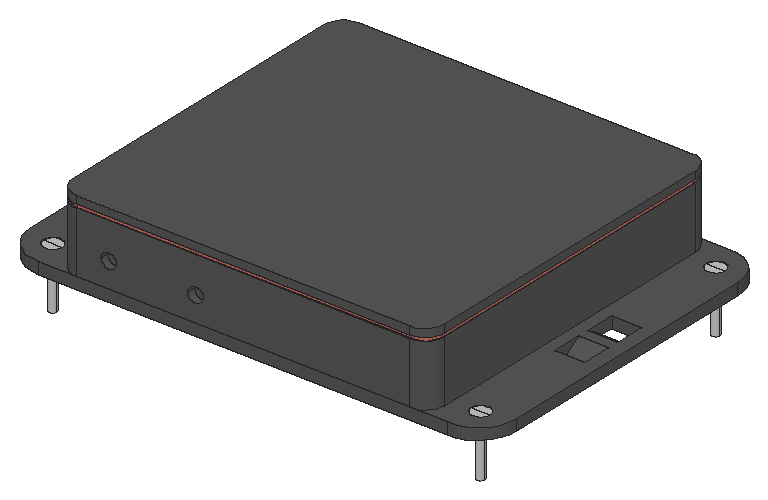
Revit family "Electronics_Impera_Biamp_Connect-X-MP6", category Communication Devices, host Face, Revit 2020
Family settings
  Host = Face
  Maintain Annotation Orientation = No
  Round Connector Dimension = Use Diameter
  Part Type = Normal
  OmniClass Number = 23.85.10.11
  OmniClass Title = Audio Information, Sound Signals
  Cut with Voids When Loaded = No
  Shared = No
  Room Calculation Point = No
Parameters (values of type "Connect-X MP6")
  Zip ties mounting [instance] = not(Flat surface mounting)  # no
  Width = 127.2 mm  # constant formula
  Weight = 0.24 lbf  # constant formula
  Version = 1
  URL = "https://www.biamp.com/"
  Stop Bits = "1, 1.5, 2"  # constant formula
  Sense Low = "< 1 VDC"  # constant formula
  Sense High = "> 4 VDC"  # constant formula
  Product data url = "https://bimobject.com/biamp/product/impera-connect-x-mp6-multiport-extender"
  Product Page URL = "https://www.biamp.com/products/product-families/impera/peripherals#connect-x-mp6"
  Product Documentation Link = "https://downloads.biamp.com/assets/docs/default-source/data-sheets/biamp_data_sheet_impera-connect-x-mp6_jun23.pdf"
  Power = "PoE (IEEE 802.3at Class 1, 4W)"  # constant formula
  Port Speed = "10/100 Mbps"  # constant formula
  Parity = "Even, Odd, None"  # constant formula
  Output Type = "Open drain"  # constant formula
  Number of third-party devices supported = "2"  # constant formula
  Number of Ports = "1 (bidirectional),2 (unidirectional) "  # constant formula
  Model = "Connect-X MP6"  # constant formula
  Max Voltage = "24 VDC"  # constant formula
  Max Current = "0.5 A"  # constant formula
  Manufacturer = "Biamp"  # constant formula
  Included Accessories = "Mounting screws and zipties"  # constant formula
  IR Frequency Range = "381 Hz to 500 kHz"  # constant formula
  I/O Quantity = "3"  # constant formula
  Housing Material = Biamp - Plastic - Black
  Height = 22 mm  # constant formula
  Flat surface mounting [instance] = yes
  Description = "Impera Connect-X MP6 Multiport Extender"  # constant formula
  Depth = 92.2 mm  # constant formula
  Default Elevation = 1219.2 mm
  Date Updated = ""
  Date Created = "2023/08/21"
  Data Bits = "7,8"  # constant formula
  Connector Description = "RJ-45 Input, Each I/O can draw up to 24DC/500mA"  # constant formula
  Baud Rate = "1200 – 115200 bit/sec"  # constant formula
  Autosense = "Yes"  # constant formula
Reference planes
  plane 1 "Center (Front/Back)": y = 0
  plane 2: z = 0
  plane 3 "Center (Left/Right)": x = 0
Forms (mm)
  Extrusion 1, solid, material "Biamp - Plastic - Black" <- "Housing Material", detail levels coarse
    sketch origin (0, 0, 0) x (1, 0, 0) y (0, 1, 0)
      loop
        line (-63.6, 46.1) -> (-63.6, -46.1) -> (63.6, -46.1) -> (63.6, 46.1) -> (-63.6, 46.1)
    from 0 to 3
  Extrusion 2, solid, material "Biamp - Plastic - Black" <- "Housing Material", detail levels coarse
    sketch origin (0, 0, 0) x (1, 0, 0) y (0, 1, 0)
      loop
        line (-48.6, 46.1) -> (-48.6, -46.1) -> (48.6, -46.1) -> (48.6, 46.1) -> (-48.6, 46.1)
    from 3 to 22
  Extrusion 3, solid, material "Biamp - Plastic - Black" <- "Housing Material", detail levels medium+fine
    sketch origin (0, 0, 0) x (1, 0, 0) y (0, 1, 0)
      loop
        arc (-53.6, 46.1) -> (-60.671, 43.171) -> (-63.6, 36.1) r 10
        line (-63.6, 36.1) -> (-63.6, -36.1)
        arc (-63.6, -36.1) -> (-60.671, -43.171) -> (-53.6, -46.1) r 10
        line (-53.6, -46.1) -> (53.6, -46.1)
        arc (53.6, -46.1) -> (60.671, -43.171) -> (63.6, -36.1) r 10
        line (63.6, -36.1) -> (63.6, 36.1)
        arc (63.6, 36.1) -> (60.671, 43.171) -> (53.6, 46.1) r 10
        line (53.6, 46.1) -> (-53.6, 46.1)
    from 0 to 3
  Extrusion 4, solid, material "Biamp - Plastic - Black" <- "Housing Material", detail levels medium+fine
    sketch origin (0, 0, 0) x (1, 0, 0) y (0, 1, 0)
      loop
        arc (-43.6, 46.1) -> (-47.136, 44.636) -> (-48.6, 41.1) r 5
        line (-48.6, 41.1) -> (-48.6, -41.1)
        arc (-48.6, -41.1) -> (-47.136, -44.636) -> (-43.6, -46.1) r 5
        line (-43.6, -46.1) -> (43.6, -46.1)
        arc (43.6, -46.1) -> (47.136, -44.636) -> (48.6, -41.1) r 5
        line (48.6, -41.1) -> (48.6, 41.1)
        arc (48.6, 41.1) -> (47.136, 44.636) -> (43.6, 46.1) r 5
        line (43.6, 46.1) -> (-43.6, 46.1)
    from 3 to 19
  Extrusion 5, solid, material "Biamp - Plastic - Black" <- "Housing Material", detail levels medium+fine
    sketch origin (0, 0, 0) x (1, 0, 0) y (0, 1, 0)
      loop
        arc (-43.6, 46.1) -> (-47.136, 44.636) -> (-48.6, 41.1) r 5
        line (-48.6, 41.1) -> (-48.6, -41.1)
        arc (-48.6, -41.1) -> (-47.136, -44.636) -> (-43.6, -46.1) r 5
        line (-43.6, -46.1) -> (43.6, -46.1)
        arc (43.6, -46.1) -> (47.136, -44.636) -> (48.6, -41.1) r 5
        line (48.6, -41.1) -> (48.6, 41.1)
        arc (48.6, 41.1) -> (47.136, 44.636) -> (43.6, 46.1) r 5
        line (43.6, 46.1) -> (-43.6, 46.1)
    from 20 to 22
  Extrusion 6, solid, material "Biamp - Plastic - Red", detail levels medium+fine
    sketch origin (0, 0, 0) x (1, 0, 0) y (0, 1, 0)
      loop
        arc (-43.6, 45.6) -> (-46.782, 44.282) -> (-48.1, 41.1) r 4.5
        line (-48.1, 41.1) -> (-48.1, -41.1)
        arc (-48.1, -41.1) -> (-46.782, -44.282) -> (-43.6, -45.6) r 4.5
        line (-43.6, -45.6) -> (43.6, -45.6)
        arc (43.6, -45.6) -> (46.782, -44.282) -> (48.1, -41.1) r 4.5
        line (48.1, -41.1) -> (48.1, 41.1)
        arc (48.1, 41.1) -> (46.782, 44.282) -> (43.6, 45.6) r 4.5
        line (43.6, 45.6) -> (-43.6, 45.6)
    from 19 to 20
  Extrusion 7, void
    sketch origin (-63.6, 46.1, 0) x (1, 0, 0) y (0, 0, -1)
      loop
        line (104.229, -16.388) -> (104.229, -6.388) -> (89.229, -6.388) -> (89.229, -16.388) -> (104.229, -16.388)
    from -0.5 to 2
  Extrusion 8, void
    sketch origin (-63.6, 45.6, 0) x (1, 0, 0) y (0, 0, -1)
      loop
        line (102.469, -7.952) -> (90.989, -7.952) -> (90.989, -12.952) -> (92.84, -12.952) -> (92.84, -14.334) -> (94.575, -14.334) -> (94.575, -15.411) -> (98.883, -15.411) -> (98.883, -14.334) -> (100.618, -14.334) -> (100.618, -12.952) -> (102.469, -12.952) -> (102.469, -7.952)
    from -5 to 0
  Extrusion 9, void
    sketch origin (-63.6, 45.6, 0) x (1, 0, 0) y (0, 0, -1)
      loop
        line (77.289, -11.817) -> (77.289, -6.817) -> (63.092, -6.817) -> (63.092, -11.817) -> (77.289, -11.817)
      loop
        line (62.804, -11.817) -> (62.804, -6.817) -> (48.607, -6.817) -> (48.607, -11.817) -> (62.804, -11.817)
      loop
        line (48.318, -11.817) -> (48.318, -6.817) -> (34.121, -6.817) -> (34.121, -11.817) -> (48.318, -11.817)
      loop
        line (27.598, -9.735) -> (27.598, -8.953)
        arc (27.598, -8.953) -> (27.466, -8.56) -> (27.125, -8.327) r 0.65
        arc (27.125, -8.327) -> (26.808, -8.091) -> (26.73, -7.705) r 0.552
        line (26.73, -7.705) -> (26.73, -6.919) -> (21.323, -6.919) -> (21.323, -7.705)
        arc (21.323, -7.705) -> (21.244, -8.091) -> (20.928, -8.327) r 0.552
        arc (20.928, -8.327) -> (20.586, -8.56) -> (20.454, -8.953) r 0.65
        line (20.454, -8.953) -> (20.454, -9.735) -> (27.598, -9.735)
    from -5 to 5
  Extrusion 10, void
    sketch origin (63.6, -46.1, 0) x (-1, 0, 0) y (0, 0, -1)
      loop
        circle (98.733, -9.634) r 2.045
      loop
        circle (76.056, -9.634) r 2.045
    from -2.098 to 0
  Extrusion 11, void
    sketch origin (0, 0, 0) x (1, 0, 0) y (0, 1, 0)
      loop
        circle (-55.983, 38.444) r 2.538
      loop
        circle (-55.983, -38.444) r 2.538
      loop
        circle (55.983, 38.444) r 2.538
      loop
        circle (55.983, -38.444) r 2.538
    from -7.799 to 16.388
  Extrusion 12, solid, material "Biamp - Plastic - Green", detail levels medium+fine
    sketch origin (-63.6, 40.6, 0) x (1, 0, 0) y (0, 0, -1)
      loop
        line (77.289, -6.817) -> (63.092, -6.817) -> (63.092, -11.817) -> (77.289, -11.817) -> (77.289, -6.817)
      loop
        line (76.289, -7.817) -> (64.092, -7.817) -> (64.092, -10.817) -> (76.289, -10.817) -> (76.289, -7.817)
      loop
        line (62.804, -6.817) -> (48.607, -6.817) -> (48.607, -11.817) -> (62.804, -11.817) -> (62.804, -6.817)
      loop
        line (48.318, -6.817) -> (34.121, -6.817) -> (34.121, -11.817) -> (48.318, -11.817) -> (48.318, -6.817)
      loop
        line (61.804, -7.817) -> (49.607, -7.817) -> (49.607, -10.817) -> (61.804, -10.817) -> (61.804, -7.817)
      loop
        line (47.318, -7.817) -> (35.121, -7.817) -> (35.121, -10.817) -> (47.318, -10.817) -> (47.318, -7.817)
    from 0 to 5.5
  Revolve 13, solid, material "Biamp - Metal - Gray", visible <- "Flat surface mounting"
    sketch origin (0, 38.433, 0) x (1, 0, 0) y (0, 0, 1)
      loop
        line (-55.983, 3) -> (-58.434, 3) -> (-57.069, 2.305) -> (-57.069, -12.545) -> (-55.983, -12.545) -> (-55.983, 3)
      axis (-55.983, 3) -> (-55.983, -12.545)
    angle from 0 to 360
  Revolve 14, solid, material "Biamp - Metal - Gray", visible <- "Flat surface mounting"
    sketch origin (0, -38.455, 0) x (1, 0, 0) y (0, 0, 1)
      loop
        line (-55.983, 3) -> (-58.434, 3) -> (-57.069, 2.305) -> (-57.069, -12.545) -> (-55.983, -12.545) -> (-55.983, 3)
      axis (-55.983, 3) -> (-55.983, -12.545)
    angle from 0 to 360
  Revolve 15, solid, material "Biamp - Metal - Gray", visible <- "Flat surface mounting"
    sketch origin (111.967, 38.433, 0) x (1, 0, 0) y (0, 0, 1)
      loop
        line (-55.983, 3) -> (-58.434, 3) -> (-57.069, 2.305) -> (-57.069, -12.545) -> (-55.983, -12.545) -> (-55.983, 3)
      axis (-55.983, 3) -> (-55.983, -12.545)
    angle from 0 to 360
  Revolve 16, solid, material "Biamp - Metal - Gray", visible <- "Flat surface mounting"
    sketch origin (111.967, -38.455, 0) x (1, 0, 0) y (0, 0, 1)
      loop
        line (-55.983, 3) -> (-58.434, 3) -> (-57.069, 2.305) -> (-57.069, -12.545) -> (-55.983, -12.545) -> (-55.983, 3)
      axis (-55.983, 3) -> (-55.983, -12.545)
    angle from 0 to 360
  Extrusion 17, void
    sketch origin (0, 0, 0) x (0, 1, 0) y (0, 0, 1)
      loop
        line (9.263, 3) -> (1.444, 3)
        arc (1.444, 3) -> (4.273, 1.365) -> (6.737, -0.781) r 16.969
        line (6.737, -0.781) -> (9.263, -0.781) -> (9.263, 3)
      loop
        line (-9.263, 3) -> (-9.263, -0.781) -> (-6.737, -0.781)
        arc (-6.737, -0.781) -> (-4.273, 1.365) -> (-1.444, 3) r 16.969
        line (-1.444, 3) -> (-9.263, 3)
    from -60 to -52
  Extrusion 18, void
    sketch origin (0, 0, 0) x (0, 1, 0) y (0, 0, -1)
      loop
        line (9.263, -3) -> (9.263, 0.781) -> (6.737, 0.781)
        arc (6.737, 0.781) -> (4.273, -1.365) -> (1.444, -3) r 16.969
        line (1.444, -3) -> (9.263, -3)
      loop
        line (-9.263, -3) -> (-1.444, -3)
        arc (-1.444, -3) -> (-4.273, -1.365) -> (-6.737, 0.781) r 16.969
        line (-6.737, 0.781) -> (-9.263, 0.781) -> (-9.263, -3)
    from -60 to -52
Cuts and joins
  Extrusion 7, Extrusion 8, Extrusion 9, Extrusion 10 cuts Extrusion 4
  Extrusion 8, Extrusion 11, Extrusion 17, Extrusion 18 cuts Extrusion 3
  Extrusion 7, Extrusion 8, Extrusion 9 cuts Extrusion 2
  Extrusion 11, Extrusion 17, Extrusion 18 cuts Extrusion 1
Lines and regions (mm)
  Masking region 1, detail levels coarse
    outline origin (0, 0, 0) x (1, 0, 0) y (0, 1, 0)
      loop
        line (-63.6, 46.1) -> (-63.6, -46.1) -> (-48.6, -46.1) -> (-48.6, 46.1) -> (-63.6, 46.1)
      loop
        line (48.6, 46.1) -> (48.6, -46.1) -> (63.6, -46.1) -> (63.6, 46.1) -> (48.6, 46.1)
  Masking region 2, detail levels coarse
    outline origin (0, 0, 0) x (1, 0, 0) y (0, 1, 0)
      loop
        line (-48.6, 46.1) -> (-48.6, -46.1) -> (48.6, -46.1) -> (48.6, 46.1) -> (-48.6, 46.1)
  Masking region 3, detail levels medium+fine
    outline origin (0, 0, 0) x (1, 0, 0) y (0, 1, 0)
      loop
        arc (-53.6, 46.1) -> (-60.671, 43.171) -> (-63.6, 36.1) r 10
        line (-63.6, 36.1) -> (-63.6, -36.1)
        arc (-63.6, -36.1) -> (-60.671, -43.171) -> (-53.6, -46.1) r 10
        line (-53.6, -46.1) -> (-43.6, -46.1)
        arc (-43.6, -46.1) -> (-47.136, -44.636) -> (-48.6, -41.1) r 5
        line (-48.6, -41.1) -> (-48.6, 41.1)
        arc (-48.6, 41.1) -> (-47.136, 44.636) -> (-43.6, 46.1) r 5
        line (-43.6, 46.1) -> (-53.6, 46.1)
      loop
        line (53.6, 46.1) -> (43.6, 46.1)
        arc (43.6, 46.1) -> (47.136, 44.636) -> (48.6, 41.1) r 5
        line (48.6, 41.1) -> (48.6, -41.1)
        arc (48.6, -41.1) -> (47.136, -44.636) -> (43.6, -46.1) r 5
        line (43.6, -46.1) -> (53.6, -46.1)
        arc (53.6, -46.1) -> (60.671, -43.171) -> (63.6, -36.1) r 10
        line (63.6, -36.1) -> (63.6, 36.1)
        arc (63.6, 36.1) -> (60.671, 43.171) -> (53.6, 46.1) r 10
  Masking region 4, detail levels medium+fine
    outline origin (0, 0, 0) x (1, 0, 0) y (0, 1, 0)
      loop
        arc (-43.6, 46.1) -> (-47.136, 44.636) -> (-48.6, 41.1) r 5
        line (-48.6, 41.1) -> (-48.6, -41.1)
        arc (-48.6, -41.1) -> (-47.136, -44.636) -> (-43.6, -46.1) r 5
        line (-43.6, -46.1) -> (43.6, -46.1)
        arc (43.6, -46.1) -> (47.136, -44.636) -> (48.6, -41.1) r 5
        line (48.6, -41.1) -> (48.6, 41.1)
        arc (48.6, 41.1) -> (47.136, 44.636) -> (43.6, 46.1) r 5
        line (43.6, 46.1) -> (-43.6, 46.1)
  Masking region 5
    outline origin (0, 0, 0) x (1, 0, 0) y (0, 0, 1)
      loop
        line (-63.6, 3) -> (-63.6, 0) -> (63.6, 0) -> (63.6, 3) -> (-63.6, 3)
  Masking region 6, detail levels coarse
    outline origin (0, 0, 0) x (1, 0, 0) y (0, 0, 1)
      loop
        line (-48.6, 22) -> (-48.6, 3) -> (48.6, 3) -> (48.6, 22) -> (-48.6, 22)
  Masking region 7, detail levels medium+fine
    outline origin (0, 0, 0) x (1, 0, 0) y (0, 0, 1)
      loop
        line (-48.6, 22) -> (-48.6, 20) -> (48.6, 20) -> (48.6, 22) -> (-48.6, 22)
      loop
        line (48.6, 19) -> (-48.6, 19) -> (-48.6, 3) -> (48.6, 3) -> (48.6, 19)
  Masking region 8, detail levels medium+fine
    outline origin (0, 0, 0) x (1, 0, 0) y (0, 0, 1)
      loop
        line (-48.1, 20) -> (-48.1, 19) -> (48.1, 19) -> (48.1, 20) -> (-48.1, 20)
  Masking region 9, visible <- "Flat surface mounting"
    outline origin (0, 0, 0) x (1, 0, 0) y (0, 0, 1)
      loop
        line (-58.434, 3) -> (-57.069, 2.305) -> (-57.069, -12.545) -> (-54.898, -12.545) -> (-54.898, 2.305) -> (-53.6, 3) -> (-58.434, 3)
      loop
        line (58.434, 3) -> (53.6, 3) -> (54.898, 2.305) -> (54.898, -12.545) -> (57.069, -12.545) -> (57.069, 2.305) -> (58.434, 3)
  Masking region 10, visible <- "Flat surface mounting"
    outline origin (0, 0, 0) x (1, 0, 0) y (0, 1, 0)
      loop
        circle (-55.983, 38.444) r 2.538
      loop
        circle (-55.983, -38.444) r 2.538
      loop
        circle (55.983, -38.444) r 2.538
      loop
        circle (55.983, 38.444) r 2.538
Dimensions and locks
  aligned and locked: plane 2 to host face
  aligned and locked: level to host face
Connectors
  electrical at (33.129, 40.6, 12.989), driven by "Connector Description"
    settings: on cut or joined group of Extrusion 4, Extrusion 7, Extrusion 8, Extrusion 9, Extrusion 10, index 1, voltage 0 V, apparent load 0 VA, apparent load phase1 0 VA, apparent load phase2 0 VA, apparent load phase3 0 VA, power factor 1, load classification "Other", number of poles 1, system type 5, power factor state 1, is connector primary yes, connector utility no, sub classification motor no, connector description "RJ-45 Input, Each I/O can draw up to 24DC/500mA"
  electrical at (6.59, 40.6, 9.317)
    settings: on cut or joined group of Extrusion 4, Extrusion 7, Extrusion 8, Extrusion 9, Extrusion 10, index 2, voltage 0 V, apparent load 0 VA, apparent load phase1 0 VA, apparent load phase2 0 VA, apparent load phase3 0 VA, power factor 1, load classification "Other", number of poles 1, system type 5, power factor state 1, is connector primary no, connector utility no, sub classification motor no, connector description "Terminal block"
  electrical at (-7.895, 40.6, 9.317)
    settings: on cut or joined group of Extrusion 4, Extrusion 7, Extrusion 8, Extrusion 9, Extrusion 10, index 3, voltage 0 V, apparent load 0 VA, apparent load phase1 0 VA, apparent load phase2 0 VA, apparent load phase3 0 VA, power factor 1, load classification "Other", number of poles 1, system type 5, power factor state 1, is connector primary no, connector utility no, sub classification motor no, connector description "Terminal block"
  electrical at (-22.38, 40.6, 9.317)
    settings: on cut or joined group of Extrusion 4, Extrusion 7, Extrusion 8, Extrusion 9, Extrusion 10, index 4, voltage 0 V, apparent load 0 VA, apparent load phase1 0 VA, apparent load phase2 0 VA, apparent load phase3 0 VA, power factor 1, load classification "Other", number of poles 1, system type 5, power factor state 1, is connector primary no, connector utility no, sub classification motor no, connector description "Terminal block"
  electrical at (-39.574, 40.6, 8.328)
    settings: on cut or joined group of Extrusion 4, Extrusion 7, Extrusion 8, Extrusion 9, Extrusion 10, index 5, voltage 0 V, apparent load 0 VA, apparent load phase1 0 VA, apparent load phase2 0 VA, apparent load phase3 0 VA, power factor 1, load classification "Other", number of poles 1, system type 5, power factor state 1, is connector primary no, connector utility no, sub classification motor no, connector description "Mini-USB"
